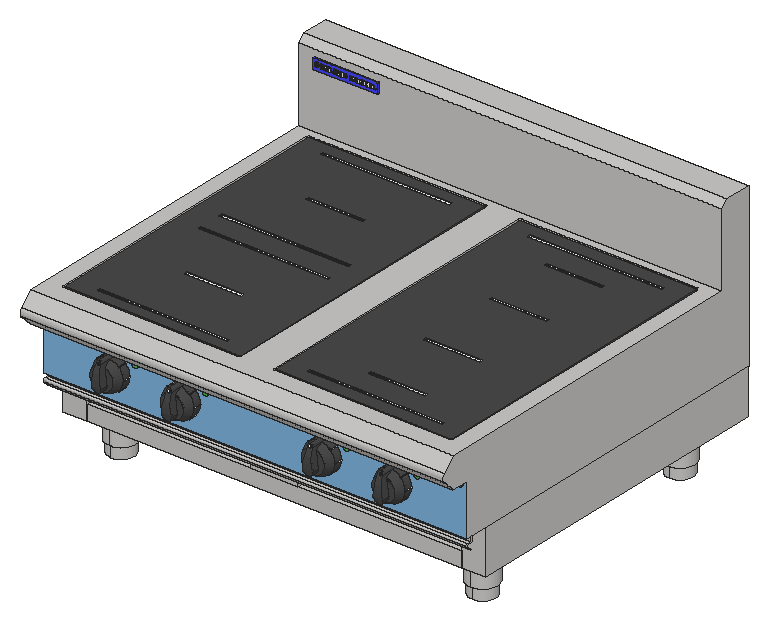
Revit family "QF_Moffat_IN514R5F-B_Induction_Cooktop_cat", category Specialty Equipment, Revit 2019 (continued)
Definition of nested family "QF_LOGO_BLue Seal"
  Automatic sketch dimensions
    Extrusion 2 sketch curve to Extrusion 2 sketch curve = 0.772 mm  (x2)
    Extrusion 2 sketch curve to Extrusion 2 sketch curve = 1.539 mm
    Extrusion 2 sketch curve to Extrusion 2 sketch curve = 0.961 mm
    Extrusion 2 sketch curve to Extrusion 2 sketch curve = 1.28 mm  (x2)
    Extrusion 2 sketch curve to Extrusion 2 sketch curve = 1.878 mm
    Extrusion 2 sketch curve to Extrusion 2 sketch curve = 2.905 mm
    Extrusion 2 sketch curve to Extrusion 2 sketch curve = 3.969 mm
    Extrusion 2 sketch curve to Extrusion 2 sketch curve = 0.84 mm  (x2)
    Extrusion 2 sketch curve to Extrusion 2 sketch curve = 2.448 mm
    Extrusion 2 sketch curve to Extrusion 2 sketch curve = 2.202 mm
    Extrusion 2 sketch curve to Extrusion 2 sketch curve = 2.222 mm
    Extrusion 2 sketch curve to Extrusion 2 sketch curve = 1.332 mm
    Extrusion 2 sketch curve to Extrusion 2 sketch curve = 1.12 mm  (x2)
    Extrusion 2 sketch curve to Extrusion 2 sketch curve = 0.929 mm
    Extrusion 2 sketch curve to Extrusion 2 sketch curve = 1.051 mm  (x2)
    Extrusion 2 sketch curve to Extrusion 2 sketch curve = 5.129 mm  (x2)
    Extrusion 2 sketch curve to Extrusion 2 sketch curve = 4.147 mm
    Extrusion 2 sketch curve to Extrusion 2 sketch curve = 0.516 mm
    plane 3 "LEFT" to Extrusion 2 sketch curve = 3.555 mm
    plane 3 "LEFT" to Extrusion 3 sketch curve = 8.107 mm
    Extrusion 3 sketch curve to Extrusion 3 sketch curve = 0.182 mm
    level to Extrusion 3 sketch curve = 7.231 mm
    Extrusion 3 sketch curve to Extrusion 3 sketch curve = 3.969 mm
    Extrusion 4 sketch curve to plane 3 "LEFT" = 8.107 mm
    Extrusion 4 sketch curve to Extrusion 4 sketch curve = 0.088 mm
    Extrusion 4 sketch curve to level = 7.227 mm
    Extrusion 4 sketch curve to Extrusion 4 sketch curve = 3.972 mm
Definition of nested family "Knob"
  Parameters (values of type "Knob")
    Weight in Pounds = 0
    URL Cutsheet = ""
    Specification by User = ""
    Specification by Manufacturer = ""
    Serial Number = ""
    Seismic Rating = ""
    SMACNA No = ""
    Revision Code = ""
    NAFEM Spec ID Number = ""
    Masterspec = ""
    Length = 65 mm
    Item Number = ""
    Installed By = ""
    Identify Quantity as Lot = yes
    Height = 69.5 mm
    Furnished By = ""
    Foodservice Equipment Identifier = yes
    Depth = 59 mm
    CSI MasterFormat = ""
  Reference planes
    plane 1 "BACK": y = 0
    plane 2: z = 0
    plane 3 "LEFT": x = 0
    plane 4 "RIGHT": x = 65
    plane 5 "FRONT": y = -59
    plane 6 "TOP": z = 69.5
    plane 7 "Center Y": x = 32.5
    plane 8 "Center X": y = -29.5
  Forms (mm)
    Revolve 1, solid
      sketch origin (32.5, 175.397, 1219.2) x (0, 1, 0) y (0, 0, 1)
        loop
          line (-175.397, -1186.7) -> (-219.397, -1186.7) -> (-219.397, -1211.501) -> (-202.106, -1219.2) -> (-185.397, -1219.2) -> (-185.397, -1191.7) -> (-175.397, -1191.7) -> (-175.397, -1186.7)
        axis (-219.397, -1186.7) -> (-175.397, -1186.7)
      angle from 0 to 360
    Extrusion 2, solid
      sketch origin (32.5, 175.397, 1219.2) x (0, 1, 0) y (0, 0, 1)
        loop
          line (-202.106, -1154.2) -> (-185.397, -1154.2) -> (-185.397, -1149.7) -> (-224.105, -1149.7)
          arc (-224.105, -1149.7) -> (-233.965, -1178.467) -> (-230.696, -1208.7) r 70
          line (-230.696, -1208.7) -> (-219.397, -1208.7) -> (-219.397, -1161.899) -> (-202.106, -1154.2)
      from -15 to 15
    Extrusion 3, void
      sketch origin (0, 0, 0) x (1, 0, 0) y (0, 0, 1)
        loop
          line (27.501, 64.613) -> (22.02, 20.585)
          arc (22.02, 20.585) -> (32.792, 10.488) -> (42.986, 21.169) r 10.487
          line (42.986, 21.169) -> (37.499, 64.613)
          arc (37.499, 64.613) -> (32.5, 69.5) -> (27.501, 64.613) r 5
        loop
          line (10, 72.977) -> (10, 5.625) -> (55, 5.625) -> (55, 72.977) -> (10, 72.977)
      from 6.142 to 69.687
    Extrusion 4, solid
      sketch origin (0, -34.115, -16.916) x (1, 0, 0) y (0, 0.45399, 0.891007)
        loop
          circle (32.497, 65) r 2
      from 51.525 to 53.075
    Extrusion 5, solid
      sketch origin (32.5, -10, 32.5) x (0, 0, -1) y (-1, 0, 0)
        loop
          line (-23.54, -22.408) -> (-24.106, -22.974)
          arc (-24.106, -22.974) -> (-23.547, -23.547) -> (-22.974, -24.106) r 33.3
          line (-22.974, -24.106) -> (-22.408, -23.54)
          arc (-22.408, -23.54) -> (-22.981, -22.981) -> (-23.54, -22.408) r 32.5
        loop
          arc (-0.8, -33.29) -> (0, -33.3) -> (0.8, -33.29) r 33.3
          line (0.8, -33.29) -> (0.8, -32.49)
          arc (0.8, -32.49) -> (0, -32.5) -> (-0.8, -32.49) r 32.5
          line (-0.8, -32.49) -> (-0.8, -33.29)
        loop
          arc (23.54, -22.408) -> (22.981, -22.981) -> (22.408, -23.54) r 32.5
          line (22.408, -23.54) -> (22.974, -24.106)
          arc (22.974, -24.106) -> (23.547, -23.547) -> (24.106, -22.974) r 33.3
          line (24.106, -22.974) -> (23.54, -22.408)
        loop
          arc (-23.54, 22.408) -> (-22.981, 22.981) -> (-22.408, 23.54) r 32.5
          line (-22.408, 23.54) -> (-22.974, 24.106)
          arc (-22.974, 24.106) -> (-23.547, 23.547) -> (-24.106, 22.974) r 33.3
          line (-24.106, 22.974) -> (-23.54, 22.408)
        loop
          line (-0.8, 33.29) -> (-0.8, 32.49)
          arc (-0.8, 32.49) -> (0, 32.5) -> (0.8, 32.49) r 32.5
          line (0.8, 32.49) -> (0.8, 33.29)
          arc (0.8, 33.29) -> (0, 33.3) -> (-0.8, 33.29) r 33.3
        loop
          line (32.49, -0.8) -> (33.29, -0.8)
          arc (33.29, -0.8) -> (33.3, 0) -> (33.29, 0.8) r 33.3
          line (33.29, 0.8) -> (32.49, 0.8)
          arc (32.49, 0.8) -> (32.5, 0) -> (32.49, -0.8) r 32.5
        loop
          arc (24.106, 22.974) -> (23.547, 23.547) -> (22.974, 24.106) r 33.3
          line (22.974, 24.106) -> (22.408, 23.54)
          arc (22.408, 23.54) -> (22.981, 22.981) -> (23.54, 22.408) r 32.5
          line (23.54, 22.408) -> (24.106, 22.974)
      from 0 to -16.709
  Cuts and joins
    Extrusion 3 cuts Extrusion 2
  Dimensions and locks
    equal spacing: plane 3 "LEFT", plane 7 "Center Y", plane 4 "RIGHT"
    "Length": plane 3 "LEFT" to plane 4 "RIGHT"
    equal spacing: plane 5 "FRONT", plane 8 "Center X", plane 1 "BACK"
    "Depth": plane 5 "FRONT" to plane 1 "BACK"
    "Height": plane 6 "TOP" to level
    plane 4 "RIGHT" to plane 3 "LEFT" = 65 mm
    aligned and locked: level to plane 2
  Automatic sketch dimensions
    Revolve 1 sketch curve to level = 0 mm
    Revolve 1 sketch curve to plane 1 "BACK" = 0 mm  (x2)
    plane 1 "BACK" to Revolve 1 sketch curve = 10 mm
    plane 8 "Center X" to Revolve 1 sketch curve = 2.791 mm
    Revolve 1 sketch curve to plane 8 "Center X" = 14.5 mm
    level to Revolve 1 sketch curve = 7.699 mm
    level to Revolve 1 sketch curve = 27.5 mm
    Revolve 1 sketch curve to Revolve 1 sketch curve = 5 mm
    Revolve 1 sketch curve to Revolve 1 sketch curve = 35 mm
    Revolve 1 sketch curve to Revolve 1 sketch curve = 0 mm
    Extrusion 2 sketch curve to plane 6 "TOP" = 0 mm
    Extrusion 2 sketch curve to plane 5 "FRONT" = 3.702 mm
    Extrusion 2 sketch curve to plane 5 "FRONT" = 10.293 mm
    Extrusion 2 sketch curve to Extrusion 2 sketch curve = 11.298 mm
    plane 8 "Center X" to Extrusion 2 sketch curve = 2.791 mm
    plane 1 "BACK" to Extrusion 2 sketch curve = 10 mm
    Extrusion 2 sketch curve to plane 1 "BACK" = 11 mm
    Extrusion 2 sketch curve to plane 6 "TOP" = 4.5 mm
    Extrusion 2 sketch curve to plane 6 "TOP" = 12.199 mm
    level to Extrusion 2 sketch curve = 32.962 mm
    level to Extrusion 3 sketch curve = 5.625 mm
    Extrusion 3 sketch curve to plane 7 "Center Y" = 0 mm  (x2)
    Extrusion 3 sketch curve to plane 7 "Center Y" = 4.999 mm
    Extrusion 3 sketch curve to plane 7 "Center Y" = 10.48 mm
    plane 6 "TOP" to Extrusion 3 sketch curve = 3.477 mm
    plane 3 "LEFT" to Extrusion 3 sketch curve = 10 mm
    Extrusion 3 sketch curve to plane 6 "TOP" = 4.887 mm
    Extrusion 3 sketch curve to Extrusion 3 sketch curve = 4.999 mm
    plane 7 "Center Y" to Extrusion 3 sketch curve = 10.486 mm
    level to Extrusion 3 sketch curve = 20.585 mm
    Extrusion 3 sketch curve to Extrusion 3 sketch curve = 0.387 mm
    Extrusion 3 sketch curve to Extrusion 3 sketch curve = 0.113 mm
    plane 4 "RIGHT" to Extrusion 3 sketch curve = 10 mm
    Extrusion 5 sketch curve to Revolve 1 = 32.49 mm
    Revolve 1 to Extrusion 5 sketch curve = 32.49 mm
    Extrusion 5 sketch curve to Revolve 1 = 23.54 mm  (x2)
    Revolve 1 to Extrusion 5 sketch curve = 23.54 mm  (x2)
    Extrusion 5 sketch curve to Revolve 1 = 24.106 mm  (x2)
    Revolve 1 to Extrusion 5 sketch curve = 24.106 mm  (x2)
    Revolve 1 to Extrusion 5 sketch curve = 22.408 mm  (x2)
    Extrusion 5 sketch curve to Revolve 1 = 22.408 mm  (x2)
    Revolve 1 to Extrusion 5 sketch curve = 22.974 mm  (x2)
    Extrusion 5 sketch curve to Revolve 1 = 22.974 mm  (x2)
    Extrusion 5 sketch curve to Extrusion 5 sketch curve = 1.6 mm  (x2)
    Revolve 1 to Extrusion 5 sketch curve = 0.8 mm
    Extrusion 5 sketch curve to Revolve 1 = 0.8 mm
    Extrusion 4 sketch curve to plane 7 "Center Y" = 0.003 mm
    radius of Extrusion 5 sketch curve to Revolve 1 = 0 mm  (x7)
    radius of Revolve 1 to Extrusion 5 sketch curve = 0.8 mm  (x7)
    radius of Extrusion 4 sketch curve = 2 mm
